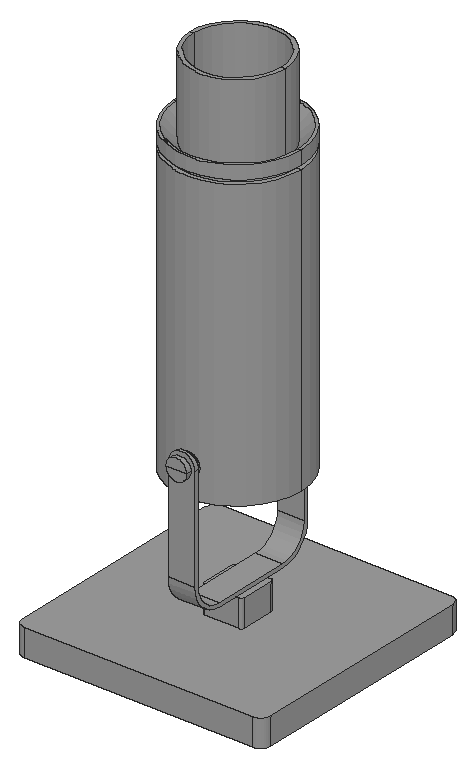
Revit family "Alcon-13340-MD-M-Revit-Family", category Generic Models, host Face, Revit 2023
Family settings
  Host = Face
  Can host rebar = No
  Round Connector Dimension = Use Diameter
  Part Type = Normal
  Cut with Voids When Loaded = No
  Maintain Annotation Orientation = No
  Shared = No
  Room Calculation Point = No
Parameters (values of type "Square Canopy and Snoot")
  URL = "https://www.alconlighting.com/"
  Square Canopy = yes
  Round Canopy = no
  Product Page = "https://www.alconlighting.com/13340-md.html"
  Model = "13340-MD-M"
  Manufacturer = "Alcon Ligthing"
  Snoot = yes
  Louver = no
  Housing = Housing
  Fixture Rotation = 90.00°
  Default Elevation = 4' - 0"
Types (7): name | Square Canopy | Round Canopy | Product Page | Model | Snoot | Louver
  (no name) | yes | no | "https://www.alconlighting.com/13340-md.html" | "13340-MD-M" | yes | no
  Round Canopy | no | yes | "https://www.alconlighting.com/13340-m-sm.html" | "13340-SM-M" | no | no
  Square Canopy | yes | no | "https://www.alconlighting.com/13340-m-sm.html" | "13340-SM-M" | no | no
  Round Canopy and Louver | no | yes | "https://www.alconlighting.com/13340-m-sm.html" | "13340-SM-M" | no | yes
  Round Canopy and Snoot | no | yes | "https://www.alconlighting.com/13340-m-sm.html" | "13340-SM-M" | yes | no
  Square Canopy and Louver | yes | no | "https://www.alconlighting.com/13340-m-sm.html" | "13340-SM-M" | no | yes
  Square Canopy and Snoot | yes | no | "https://www.alconlighting.com/13340-md.html" | "13340-MD-M" | yes | no
Reference planes (in)
  plane 1 "Center (Front/Back)": y = 0
  plane 2: z = 0
  plane 3 "Center (Left/Right)": x = 0
Forms (in)
  Extrusion 1, solid, material "Housing" <- "Housing"
    sketch origin (-0.375, 0, 0.5) x (1, 0, 0) y (0, 1, 0)
      loop
        line (0.0625, -0.375) -> (0.6875, -0.375)
        arc (0.6875, -0.375) -> (0.73169, -0.35669) -> (0.75, -0.3125) r 0.0625
        line (0.75, -0.3125) -> (0.75, 0.3125)
        arc (0.75, 0.3125) -> (0.73169, 0.35669) -> (0.6875, 0.375) r 0.0625
        line (0.6875, 0.375) -> (0.0625, 0.375)
        arc (0.0625, 0.375) -> (0.01831, 0.35669) -> (0, 0.3125) r 0.0625
        line (0, 0.3125) -> (0, -0.3125)
        arc (0, -0.3125) -> (0.01831, -0.35669) -> (0.0625, -0.375) r 0.0625
    from 0 to 0.5
  Extrusion 2, solid, material "Housing" <- "Housing", visible <- "Round Canopy"
    sketch origin (-0.375, 0, 0) x (1, 0, 0) y (0, 1, 0)
      loop
        circle (0.375, 0) r 2.5
    from 0 to 0.5
  Extrusion 3, solid, material "Housing" <- "Housing", visible <- "Square Canopy"
    sketch origin (0, 0, 0) x (1, 0, 0) y (0, 1, 0)
      loop
        line (-2.125, -2.3125) -> (2.125, -2.3125)
        arc (2.125, -2.3125) -> (2.25758, -2.25758) -> (2.3125, -2.125) r 0.1875
        line (2.3125, -2.125) -> (2.3125, 2.125)
        arc (2.3125, 2.125) -> (2.25758, 2.25758) -> (2.125, 2.3125) r 0.1875
        line (2.125, 2.3125) -> (-2.125, 2.3125)
        arc (-2.125, 2.3125) -> (-2.25758, 2.25758) -> (-2.3125, 2.125) r 0.1875
        line (-2.3125, 2.125) -> (-2.3125, -2.125)
        arc (-2.3125, -2.125) -> (-2.25758, -2.25758) -> (-2.125, -2.3125) r 0.1875
    from 0 to 0.5
  Extrusion 4, solid, material "Housing" <- "Housing"
    sketch origin (0, 0, 0) x (0, 1, 0) y (0, 0, 1)
      loop
        line (-0.74345, 1) -> (0.74345, 1)
        arc (0.74345, 1) -> (1.1412, 1.16475) -> (1.30595, 1.5625) r 0.5625
        line (1.30595, 1.5625) -> (1.30595, 3.75391) -> (1.24345, 3.75391) -> (1.24345, 1.5625)
        arc (1.24345, 1.5625) -> (1.09701, 1.20895) -> (0.74345, 1.0625) r 0.5
        line (0.74345, 1.0625) -> (-0.74345, 1.0625)
        arc (-0.74345, 1.0625) -> (-1.09701, 1.20895) -> (-1.24345, 1.5625) r 0.5
        line (-1.24345, 1.5625) -> (-1.24345, 3.75391) -> (-1.30595, 3.75391) -> (-1.30595, 1.5625)
        arc (-1.30595, 1.5625) -> (-1.1412, 1.16475) -> (-0.74345, 1) r 0.5625
    from -0.25 to 0.25
  Extrusion 5, void
    sketch origin (0, 0, 0) x (1, 0, 0) y (0, 0, 1)
      loop
        line (-0.25, 3.75391) -> (-0.25, 3.49819)
        arc (-0.25, 3.49819) -> (0, 3.74819) -> (0.25, 3.49819) r 0.25
        line (0.25, 3.49819) -> (0.25, 3.75391) -> (-0.25, 3.75391)
    from -1.55595 to 1.30595
Cuts and joins
  Extrusion 5 cuts Extrusion 4
Lines and regions (in)
  reference lines
    curve 1: line (-2.5, 0, 3.49819) -> (2.5, 0, 3.49819)
  model lines
    curve 2: line (0, 0, 0) -> (0, 0, 6.74099)
Dimensions and locks (in)
  "Fixture Rotation": angle curve 1 to nested 2
  aligned and locked: plane 2 to host face
  aligned and locked: level to host face
Automatic sketch dimensions
  curve 2 to plane 3 "Center (Left/Right)" = 0' - 0"
  curve 2 to level = 0' - 0"
  curve 2 to curve 2 = 0' - 6.74099"
  host sketch curve to host sketch curve = 8' - 0"  (x2)
  Extrusion 1 sketch curve to Extrusion 1 sketch curve = 0' - 0 1/16"  (x3)
  Extrusion 1 sketch curve to Extrusion 1 sketch curve = 0' - 0 5/8"  (x2)
  Extrusion 1 sketch curve to Extrusion 1 sketch curve = 0' - 0"
  plane 1 "Center (Front/Back)" to Extrusion 2 sketch curve = 0' - 0"
  Extrusion 2 sketch curve to plane 3 "Center (Left/Right)" = 0' - 0"
  Extrusion 3 sketch curve to plane 3 "Center (Left/Right)" = 0' - 2 5/16"
  Extrusion 3 sketch curve to Extrusion 3 sketch curve = 0' - 0 3/16"  (x3)
  plane 3 "Center (Left/Right)" to Extrusion 3 sketch curve = 0' - 2 1/8"  (x2)
  plane 1 "Center (Front/Back)" to Extrusion 3 sketch curve = 0' - 2 5/16"
  Extrusion 3 sketch curve to plane 1 "Center (Front/Back)" = 0' - 2 1/8"
  Extrusion 4 sketch curve to Extrusion 4 sketch curve = 0' - 0"  (x4)
  plane 1 "Center (Front/Back)" to Extrusion 4 sketch curve = 0' - 1.30595"
  Extrusion 4 sketch curve to Extrusion 4 sketch curve = 0' - 0 1/16"
  Extrusion 4 sketch curve to Extrusion 4 sketch curve = 0' - 0 1/2"
  Extrusion 4 sketch curve to plane 1 "Center (Front/Back)" = 0' - 0.74345"
  Extrusion 4 sketch curve to plane 1 "Center (Front/Back)" = 0' - 1.24345"
  level to Extrusion 4 sketch curve = 0' - 1"
  Extrusion 4 sketch curve to Extrusion 4 sketch curve = 0' - 2 49/256"  (x2)
  Extrusion 5 sketch curve to plane 3 "Center (Left/Right)" = 0' - 0"
  Extrusion 5 sketch curve to plane 3 "Center (Left/Right)" = 0' - 0 1/4"
  plane 3 "Center (Left/Right)" to Extrusion 5 sketch curve = 0' - 0 1/4"
  level to Extrusion 5 sketch curve = 0' - 3.49819"
  Extrusion 5 sketch curve to Extrusion 5 sketch curve = 0' - 0.25572"
  Extrusion 5 sketch curve to Extrusion 5 sketch curve = 0' - 0"  (x3)
  curve 1 to plane 3 "Center (Left/Right)" = 0' - 2 1/2"
  level to curve 1 = 0' - 3.49819"
  plane 3 "Center (Left/Right)" to curve 1 = 0' - 2 1/2"
  radius of Extrusion 2 sketch curve = 0' - 2 1/2"
Nested families (in)
  nested 1: "Alcon-13340-SM-M-IES-Revit-Family" at (0, 0, 7.97475), type "Alcon-13340-SM-M-IES-Revit-Family"
  nested 2: "Alcon-13340-MD-M-Housing-Revit-Family" at (0, 0, 3.49819) x (0, 0, -1) z (0, -1, 0), type "Alcon-13340-MD-M-Housing-Revit-Family"
    with built-in parameter 1001306 0.20833 (stored number, unit not read)
  nested 3: "Alcon-13340-MD-M-Snoot-Revit-Family" at (0, 0, 0), visible <- "Snoot", type "Alcon-13340-MD-M-Snoot-Revit-Family"
  nested 4: "Alcon-13340-MD-M-Louver-Revit-Family" at (0, 0, 0), visible <- "Louver", type "Alcon-13340-MD-M-Louver-Revit-Family"
Definition of nested family "Alcon-13340-MD-M-Housing-Revit-Family"
  Parameters (values of type "Alcon-13340-MD-M-Housing-Revit-Family")
    built-in parameter 1001306 [instance] = 4' - 0"
    Housing = none
    Default Elevation = 0' - 0"
  Reference planes (in)
    plane 1 "Center (Front/Back)": y = 0
    plane 2: z = 0
    plane 3 "Left": x = 0
    plane 4 "Right": x = 48
  Forms (in)
    Revolve 1, solid, material <- "Housing"
      sketch origin (0.56641, 0, 0) x (1, 0, 0) y (0, 1, 0)
        loop
          line (0, 0) -> (0, 1.1875) -> (-5.375, 1.1875) -> (-5.375, 1.10937) -> (-5.04297, 1.10937) -> (-5.04297, 0.99609) -> (-1.04038, 0.99609) -> (-1.04038, 0) -> (0, 0)
        axis (0, 0) -> (-5.375, 0)
      angle from 0 to 360
    Extrusion 2, solid
      sketch origin (-4.47656, 0, 0) x (0, 1, 0) y (0, 0, -1)
        loop
          circle (0, 0) r 0.99609
      from 0 to -0.0625
    Revolve 3, solid, material <- "Housing"
      sketch origin (0, 0, 0) x (0, 1, 0) y (0, 0, 1)
        loop
          line (0, 1.42578) -> (-0.19531, 1.42578) -> (-0.19531, 1.34375) -> (-0.08594, 1.34375) -> (-0.08594, 1.21094) -> (-0.21875, 1.21094) -> (-0.21875, -1.21094) -> (-0.08594, -1.21094) -> (-0.08594, -1.34375) -> (-0.19531, -1.34375) -> (-0.19531, -1.42578) -> (0, -1.42578) -> (0, 1.42578)
        axis (0, 1.42578) -> (0, -1.42578)
      angle from 0 to 360
  Lines and regions (in)
    reference lines
      curve 1: line (0, 0, 0) -> (48, 0, 0)
    model lines
      curve 2: line (0, 0, 0) -> (-33.25, 0, 0)
  Dimensions and locks (in)
    "built-in parameter 1001306": plane 3 "Left" to plane 4 "Right"
    aligned and locked: plane 4 "Right" to curve 1
    aligned and locked: plane 1 "Center (Front/Back)" to curve 1
    aligned and locked: plane 3 "Left" to curve 1
    aligned and locked: level to plane 2
  Automatic sketch dimensions
    Extrusion 2 sketch curve to Revolve 1 = 0' - 0"  (x2)
    Revolve 3 sketch curve to plane 1 "Center (Front/Back)" = 0' - 0"
    plane 1 "Center (Front/Back)" to Revolve 3 sketch curve = 0' - 0 11/128"  (x2)
    Revolve 3 sketch curve to Revolve 3 sketch curve = 0' - 0 7/64"  (x2)
    Revolve 3 sketch curve to Revolve 3 sketch curve = 0' - 0 17/128"  (x3)
    Revolve 3 sketch curve to level = 0' - 1 109/256"
    Revolve 3 sketch curve to Revolve 3 sketch curve = 0' - 0 21/256"  (x2)
    level to Revolve 3 sketch curve = 0' - 1 27/128"
    plane 1 "Center (Front/Back)" to curve 2 = 0' - 0"
    curve 2 to plane 3 "Left" = 0' - 0"
    curve 2 to curve 2 = 2' - 9 1/4"
    plane 1 "Center (Front/Back)" to Revolve 1 sketch curve = 0' - 0"  (x2)
    Revolve 1 sketch curve to plane 1 "Center (Front/Back)" = 0' - 1 3/16"
    Revolve 1 sketch curve to plane 3 "Left" = 0' - 4 207/256"
    Revolve 1 sketch curve to Revolve 1 sketch curve = 0' - 0 85/256"
    Revolve 1 sketch curve to plane 3 "Left" = 0' - 0.47397"
    plane 3 "Left" to Revolve 1 sketch curve = 0' - 0 145/256"
    Revolve 1 sketch curve to Revolve 1 sketch curve = 0' - 0 49/256"
    Revolve 1 sketch curve to Revolve 1 sketch curve = 0' - 0 5/64"
    Revolve 1 sketch curve to Revolve 1 sketch curve = 0' - 1.54788"
    Revolve 1 sketch curve to Revolve 1 sketch curve = 0' - 0.15103"
    radius of Extrusion 2 sketch curve to Revolve 1 = 0' - 0"
Definition of nested family "Alcon-13340-MD-M-Snoot-Revit-Family"
  Parameters (values of type "Alcon-13340-MD-M-Snoot-Revit-Family")
    Louver = yes
    Housing = none
    Default Elevation = 4' - 0"
  Reference planes (in)
    plane 1 "Center (Front/Back)": y = 0
    plane 2: z = 0
    plane 3 "Center (Left/Right)": x = 0
  Forms (in)
    Extrusion 1, solid
      sketch origin (0, 0, 0) x (1, 0, 0) y (0, 1, 0)
        loop
          line (-48, 48) -> (-48, -48) -> (48, -48) -> (48, 48) -> (-48, 48)
      from 0 to -12
    Revolve 2, solid, material <- "Housing", visible <- "Louver"
      sketch origin (0, 0, 1.68714) x (1, 0, 0) y (0, 0, 1)
        loop
          line (0.8125, 8.19958) -> (0.8125, 6.62536) -> (1.01938, 6.62536) -> (1.01938, 6.37014) -> (1.0936, 6.37014) -> (1.0936, 6.69958) -> (1.1875, 6.69958) -> (1.1875, 6.94958) -> (1.13672, 6.94958) -> (0.88672, 6.69958) -> (0.88672, 8.19958) -> (0.8125, 8.19958)
        axis (0, 6.37014) -> (0, 8.19958)
      angle from 0 to 360
  Dimensions and locks (in)
    aligned and locked: plane 2 to Extrusion 1
    aligned and locked: level to Extrusion 1
Definition of nested family "Alcon-13340-MD-M-Louver-Revit-Family"
  Parameters
    Louver = yes
    Housing = none
    Default Elevation = 4' - 0"
  Reference planes (in)
    plane 1 "Center (Front/Back)": y = 0
    plane 2: z = 0
    plane 3 "Center (Left/Right)": x = 0
  Forms (in)
    Extrusion 1, solid
      sketch origin (0, 0, 0) x (1, 0, 0) y (0, 1, 0)
        loop
          line (-48, 48) -> (-48, -48) -> (48, -48) -> (48, 48) -> (-48, 48)
      from 0 to -12
    Revolve 2, solid, material <- "Housing", visible <- "Louver"
      sketch origin (0, 0, 1.61292) x (1, 0, 0) y (0, 0, 1)
        loop
          line (1.1875, 6.94958) -> (1.11328, 6.94958) -> (1.05922, 6.7738) -> (1.01938, 6.7738) -> (1.01938, 6.37014) -> (1.0936, 6.37014) -> (1.0936, 6.69958) -> (1.1875, 6.69958) -> (1.1875, 6.94958)
        axis (0, 6.37014) -> (0, 6.94958)
      angle from 0 to 360
    Extrusion 3, solid, material <- "Housing"
      sketch origin (0, 0, 8.38672) x (1, 0, 0) y (0, 1, 0)
        loop
          arc (1.01938, 0.00253) -> (1.0167, 0.07384) -> (1.00904, 0.14479) r 1.01938
          line (1.00904, 0.14479) -> (0.92234, -0.00538) -> (0.66963, -0.00538) -> (0.54328, 0.21346) -> (0.66963, 0.43231) -> (0.92317, 0.43231)
          arc (0.92317, 0.43231) -> (0.8976, 0.48317) -> (0.86923, 0.53251) r 1.01938
          line (0.86923, 0.53251) -> (0.66963, 0.53251) -> (0.54328, 0.75136) -> (0.58959, 0.83157)
          arc (0.58959, 0.83157) -> (0.5491, 0.85885) -> (0.50736, 0.88415) r 1.01938
          line (0.50736, 0.88415) -> (0.46117, 0.80415) -> (0.20846, 0.80415) -> (0.08632, 1.01572)
          arc (0.08632, 1.01572) -> (-0.15263, 1.00789) -> (-0.38318, 0.94462) r 1.01938
          line (-0.38318, 0.94462) -> (-0.46117, 0.80954) -> (-0.6195, 0.80954)
          arc (-0.6195, 0.80954) -> (-0.79173, 0.64211) -> (-0.91999, 0.43902) r 1.01938
          line (-0.91999, 0.43902) -> (-0.79599, 0.22423) -> (-0.92312, 0.00402) -> (-1.01937, 0.00402)
          arc (-1.01937, 0.00402) -> (-1.01883, -0.03342) -> (-1.01692, -0.07082) r 1.01938
          line (-1.01692, -0.07082) -> (-0.93619, -0.07082) -> (-0.79599, -0.31366) -> (-0.89578, -0.48652)
          arc (-0.89578, -0.48652) -> (-0.86801, -0.53449) -> (-0.83768, -0.58089) r 1.01938
          line (-0.83768, -0.58089) -> (-0.71387, -0.36645) -> (-0.46117, -0.36645) -> (-0.33482, -0.5853) -> (-0.46117, -0.80415) -> (-0.62647, -0.80415)
          arc (-0.62647, -0.80415) -> (-0.5486, -0.85917) -> (-0.46593, -0.90666) r 1.01938
          arc (-0.46593, -0.90666) -> (-0.39118, -0.94133) -> (-0.31387, -0.96986) r 1.01938
          line (-0.31387, -0.96986) -> (-0.37906, -0.85694) -> (-0.25271, -0.6381) -> (0, -0.6381) -> (0.12635, -0.85694) -> (0.03288, -1.01885)
          arc (0.03288, -1.01885) -> (0.09246, -1.01518) -> (0.15172, -1.00802) r 1.01938
          line (0.15172, -1.00802) -> (0.20846, -0.90974) -> (0.4599, -0.90974)
          arc (0.4599, -0.90974) -> (0.50205, -0.88718) -> (0.54309, -0.86266) r 1.01938
          line (0.54309, -0.86266) -> (0.66963, -0.64348) -> (0.79061, -0.64348)
          arc (0.79061, -0.64348) -> (0.82809, -0.59447) -> (0.86254, -0.54328) r 1.01938
          line (0.86254, -0.54328) -> (0.66963, -0.54328) -> (0.54328, -0.32443) -> (0.66963, -0.10558) -> (0.92234, -0.10558) -> (0.9934, -0.22867)
          arc (0.9934, -0.22867) -> (1.00911, -0.14434) -> (1.01767, -0.05899) r 1.01938
          arc (1.01767, -0.05899) -> (1.01899, -0.02824) -> (1.01938, 0.00253) r 1.01938
        loop
          line (0.08211, -0.59069) -> (0.20846, -0.80954) -> (0.46117, -0.80954) -> (0.58752, -0.59069) -> (0.46117, -0.37184) -> (0.20846, -0.37184) -> (0.08211, -0.59069)
        loop
          line (-0.37906, -0.31905) -> (-0.25271, -0.5379) -> (0, -0.5379) -> (0.12635, -0.31905) -> (0, -0.1002) -> (-0.25271, -0.1002) -> (-0.37906, -0.31905)
        loop
          line (0.08211, -0.05279) -> (0.20846, -0.27164) -> (0.46117, -0.27164) -> (0.58752, -0.05279) -> (0.46117, 0.16606) -> (0.20846, 0.16606) -> (0.08211, -0.05279)
        loop
          line (-0.84023, -0.04741) -> (-0.71387, -0.26626) -> (-0.46117, -0.26626) -> (-0.33482, -0.04741) -> (-0.46117, 0.17144) -> (-0.71387, 0.17144) -> (-0.84023, -0.04741)
        loop
          line (-0.37852, 0.21791) -> (-0.25271, 0) -> (0, 0) -> (0.12635, 0.21885) -> (0, 0.4377) -> (-0.25162, 0.4377) -> (-0.37852, 0.21791)
        loop
          line (0.08211, 0.4851) -> (0.20846, 0.26626) -> (0.46117, 0.26626) -> (0.58752, 0.4851) -> (0.46117, 0.70395) -> (0.20846, 0.70395) -> (0.08211, 0.4851)
        loop
          line (-0.84023, 0.49049) -> (-0.71387, 0.27164) -> (-0.46117, 0.27164) -> (-0.33482, 0.49049) -> (-0.46117, 0.70934) -> (-0.71387, 0.70934) -> (-0.84023, 0.49049)
        loop
          line (-0.36738, 0.77696) -> (-0.22936, 0.5379) -> (0, 0.5379) -> (0.12635, 0.75675) -> (0, 0.97559) -> (-0.25271, 0.97559) -> (-0.36738, 0.77696)
      from -0.07422 to 0
  Dimensions and locks (in)
    aligned and locked: plane 2 to Extrusion 1
    aligned and locked: level to Extrusion 1
Definition of nested family "Alcon-13340-SM-M-IES-Revit-Family"
  Parameters (values of type "Alcon-13340-SM-M-IES-Revit-Family")
    Wattage = 9.2903 W
    built-in parameter 1150110 = 1 (stored number, unit not read)
    built-in parameter 1114217 = 1 (stored number, unit not read)
    Tilt Angle = 90.00°
    built-in parameter 1150109 = 1 (stored number, unit not read)
    built-in parameter 1150134 = 3
    built-in parameter 1150113 = 1 (stored number, unit not read)
    Photometric Web File = "Alcon-13340-MD-IES.ies"
    built-in parameter 1150105 = 109.82 (stored number, unit not read)
    Lumens = 1380 lm
    built-in parameter 1150115 = 1 (stored number, unit not read)
    built-in parameter 1150137 = (empty or 0)
    built-in parameter 1150139 = (empty or 0)
    built-in parameter 1150112 = 1 (stored number, unit not read)
    built-in parameter 1150114 = 1 (stored number, unit not read)
    built-in parameter 1150132 = 2
    built-in parameter 1150102 = (empty or 0)
    built-in parameter 1150107 = 3200 (stored number, unit not read)
    built-in parameter 1150138 = (empty or 0)
    built-in parameter 1150106 = 1.0982 (stored number, unit not read)
    Emit from Circle Diameter = 0' - 1 111/128"
    Emit Shape Visible in Rendering = yes
    built-in parameter 1150104 = 13.8 (stored number, unit not read)
    Dimming Lamp Color Temperature Shift = (empty or 0)
    Default Elevation = 4' - 0"
    Color Filter = 16777215
    built-in parameter 1114218 = 1 (stored number, unit not read)
    built-in parameter 1150133 = 10 (stored number, unit not read)
  Reference planes (in)
    plane 1 "Center (Front/Back)": y = 0
    plane 2: z = 0
    plane 3 "Center (Left/Right)": x = 0
  Forms (in)
    Extrusion 1, solid
      sketch origin (0, 0, 0) x (1, 0, 0) y (0, 1, 0)
        loop
          line (-48, 48) -> (-48, -48) -> (48, -48) -> (48, 48) -> (-48, 48)
      from 0 to -12
  Dimensions and locks (in)
    aligned and locked: plane 2 to Extrusion 1
    aligned and locked: level to Extrusion 1
